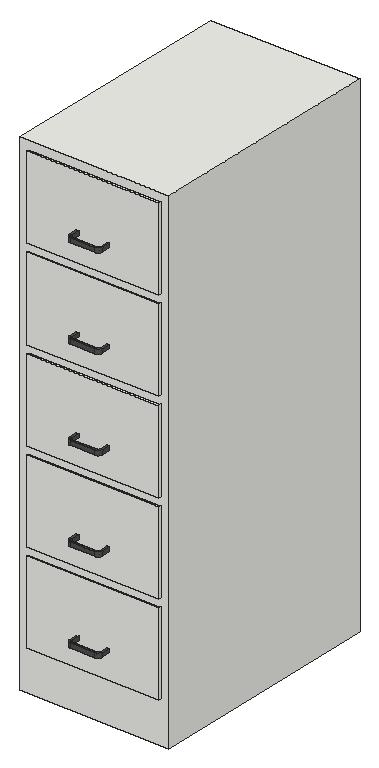
Revit family
Parameters (values of type "0457 x 0734mm")
  캐비닛 재료 = 금속 - 페인트 마감 - 아이보리색, 광택
  깊이 = 734.00 mm
  핸들 재료 = 금속 - 크롬
  높이 = 1525.00 mm
  폭 = 457.00 mm
Types (7, lengths in mm): name | 깊이 | 폭
  (no name) | 734.00 | 457.00
  0380 x 0457mm | 457.00 | 380.00
  0380 x 0635mm | 635.00 | 380.00
  0380 x 0734mm | 734.00 | 380.00
  0457 x 0734mm | 734.00 | 457.00
  1067 x 0380mm Lat. | 380.00 | 1067.00
  1067 x 0457mm Lat. | 457.00 | 1067.00
Reference planes
  plane 1 "중심(앞/뒤)": y = -142.134
  plane 2: z = 0
  plane 3 "중심(왼쪽/오른쪽)": x = -127.896
  plane 4: x = 100.604
  plane 5: x = -356.396
  plane 6: y = 224.866
  plane 7: y = -509.134
  plane 8: z = 1525
  plane 9: y = -515.484
Forms (mm)
  Extrusion 1, solid, material "금속 - 페인트 마감 - 아이보리색, 광택"
    sketch origin (0, 224.866, 0) x (1, 0, 0) y (0, 0, 1)
      loop
        line (-330.996, 1499.6) -> (-330.996, 1244.6) -> (75.204, 1244.6) -> (75.204, 1499.6) -> (-330.996, 1499.6)
      loop
        line (-330.996, 1219.2) -> (-330.996, 965.2) -> (75.204, 965.2) -> (75.204, 1219.2) -> (-330.996, 1219.2)
      loop
        line (-330.996, 939.8) -> (-330.996, 685.8) -> (75.204, 685.8) -> (75.204, 939.8) -> (-330.996, 939.8)
      loop
        line (-330.996, 660.4) -> (-330.996, 406.4) -> (75.204, 406.4) -> (75.204, 660.4) -> (-330.996, 660.4)
      loop
        line (-330.996, 381) -> (-330.996, 127) -> (75.204, 127) -> (75.204, 381) -> (-330.996, 381)
    from 734 to 740.35
  Extrusion 2, solid, material "금속 - 페인트 마감 - 아이보리색, 광택" <- "캐비닛 재료"
    sketch origin (0, 0, 0) x (1, 0, 0) y (0, 1, 0)
      loop
        line (-356.396, 224.866) -> (-356.396, -509.134) -> (100.604, -509.134) -> (100.604, 224.866) -> (-356.396, 224.866)
    from 0 to 1525
  Sweep 3, solid, material "금속 - 크롬" <- "핸들 재료"
    path origin (0, 0, 0) x (1, 0, 0) y (0, 1, 0)
      loop
        line (-178.696, -515.484) -> (-178.696, -540.884)
        arc (-178.696, -540.884) -> (-174.977, -549.865) -> (-165.996, -553.584) r 12.7
        line (-165.996, -553.584) -> (-89.796, -553.584)
        arc (-89.796, -553.584) -> (-80.816, -549.865) -> (-77.096, -540.884) r 12.7
        line (-77.096, -540.884) -> (-77.096, -515.484)
    profile origin (0, -528.184, 0) x (1, 0, 0) y (0, 0, 1)
      loop
        line (-178.696, 203.2) -> (-172.346, 203.2) -> (-172.346, 215.9) -> (-178.696, 215.9) -> (-178.696, 203.2)
      loop
        line (-178.696, 482.6) -> (-172.346, 482.6) -> (-172.346, 495.3) -> (-178.696, 495.3) -> (-178.696, 482.6)
      loop
        line (-178.696, 762) -> (-172.346, 762) -> (-172.346, 774.7) -> (-178.696, 774.7) -> (-178.696, 762)
      loop
        line (-178.696, 1041.4) -> (-172.346, 1041.4) -> (-172.346, 1054.1) -> (-178.696, 1054.1) -> (-178.696, 1041.4)
      loop
        line (-178.696, 1320.8) -> (-172.346, 1320.8) -> (-172.346, 1333.5) -> (-178.696, 1333.5) -> (-178.696, 1320.8)
Lines and regions (mm)
  Masking region 1
    outline origin (0, 0, 0) x (1, 0, 0) y (0, 1, 0)
      loop
        line (-356.396, 224.866) -> (-356.396, -509.134) -> (100.604, -509.134) -> (100.604, 224.866) -> (-356.396, 224.866)
  symbolic lines
    curve 1: line (-172.346, -540.884, 0) -> (-172.346, -509.134, 0)
    curve 2: line (-89.796, -547.234, 0) -> (-165.996, -547.234, 0)
    curve 3: line (-83.446, -509.134, 0) -> (-83.446, -540.884, 0)
    curve 4: arc (-89.796, -547.234, 0) -> (-85.306, -545.374, 0) -> (-83.446, -540.884, 0) r 6.35
    curve 5: arc (-172.346, -540.884, 0) -> (-170.487, -545.374, 0) -> (-165.996, -547.234, 0) r 6.35
Dimensions and locks
  equal spacing: plane 5, plane 3 "중심(왼쪽/오른쪽)", plane 4
  equal spacing: plane 7, plane 1 "중심(앞/뒤)", plane 6
  "폭": plane 5 to plane 4
  "깊이": plane 7 to plane 6
  "높이": plane 8 to plane 2
  plane 7 to plane 9 = 6.35 mm
  aligned and locked: Extrusion 1 to plane 7
  aligned and locked: plane 9 to Extrusion 1
  aligned and locked: Extrusion 2 to plane 8
  aligned and locked: Extrusion 2 to level
  aligned and locked: plane 6 to Masking region 1 sketch curve
  aligned and locked: Masking region 1 sketch curve to plane 5
  aligned and locked: plane 4 to Masking region 1 sketch curve
  aligned and locked: Masking region 1 sketch curve to plane 7
  aligned and locked: curve 1 to Sweep 3
  aligned and locked: curve 2 to Sweep 3
  aligned and locked: curve 3 to Sweep 3
  aligned and locked: plane 7 to curve 1
  aligned and locked: plane 7 to curve 3
Automatic sketch dimensions
  Extrusion 1 sketch curve to plane 5 = 25.40 mm  (x3)
  Extrusion 1 sketch curve to Extrusion 1 sketch curve = 0.00 mm  (x3)
  plane 4 to Extrusion 1 sketch curve = 25.40 mm  (x4)
  level to Extrusion 1 sketch curve = 127.00 mm
  plane 8 to Extrusion 1 sketch curve = 25.40 mm
  Extrusion 1 sketch curve to Extrusion 1 sketch curve = 254.00 mm  (x4)
  Extrusion 1 sketch curve to Extrusion 1 sketch curve = 25.40 mm  (x4)
  Sweep 3 sketch curve to profile plane = 0.00 mm  (x5)
  Sweep 3 sketch curve to profile plane = 6.35 mm  (x5)
  level to Sweep 3 sketch curve = 203.20 mm
  Sweep 3 sketch curve to Sweep 3 sketch curve = 12.70 mm  (x6)
  Sweep 3 sketch curve to Sweep 3 sketch curve = 266.70 mm  (x4)
  Sweep 3 sketch curve to plane 9 = 0.00 mm  (x2)
  plane 9 to Sweep 3 sketch curve = 25.40 mm
  Sweep 3 sketch curve to plane 3 "중심(왼쪽/오른쪽)" = 50.80 mm
  Sweep 3 sketch curve to plane 3 "중심(왼쪽/오른쪽)" = 38.10 mm
  plane 3 "중심(왼쪽/오른쪽)" to Sweep 3 sketch curve = 38.10 mm
  Extrusion 2 sketch curve to plane 5 = 0.00 mm
  Extrusion 2 sketch curve to plane 4 = 0.00 mm
  Extrusion 2 sketch curve to plane 7 = 0.00 mm
  Extrusion 2 sketch curve to plane 6 = 0.00 mm
  curve 5 to curve 2 = 6.35 mm
  curve 4 to curve 3 = 6.35 mm
